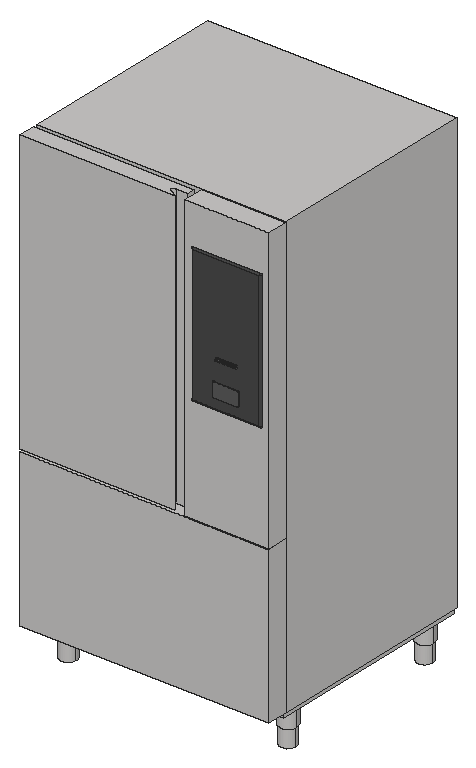
Revit family "QF_ALPENINOX_729253_ABFA11RE", category Specialty Equipment, Revit 2018 (continued)
Automatic sketch dimensions
  Split face 166 sketch curve to Split face 166 sketch curve = 110.016 mm
  Split face 167 sketch curve to Extrusion 4 = 52.499 mm
  Split face 167 sketch curve to Extrusion 4 = 382.543 mm
  Split face 167 sketch curve to Extrusion 4 = 47.525 mm
  Split face 167 sketch curve to Split face 167 sketch curve = 110.016 mm
  Split face 168 sketch curve to Extrusion 4 = 61.999 mm
  Split face 168 sketch curve to Extrusion 4 = 382.543 mm
  Split face 168 sketch curve to Split face 168 sketch curve = 110.016 mm
  Split face 168 sketch curve to Split face 168 sketch curve = 4.974 mm
  Split face 169 sketch curve to Extrusion 4 = 71.499 mm
  Split face 169 sketch curve to Extrusion 4 = 382.543 mm
  Split face 169 sketch curve to Split face 169 sketch curve = 110.016 mm
  Split face 169 sketch curve to Split face 169 sketch curve = 4.974 mm
  Split face 170 sketch curve to Extrusion 4 = 80.999 mm
  Split face 170 sketch curve to Extrusion 4 = 382.543 mm
  Split face 170 sketch curve to Split face 170 sketch curve = 110.016 mm
  Split face 170 sketch curve to Split face 170 sketch curve = 4.974 mm
  Split face 171 sketch curve to Extrusion 4 = 90.499 mm
  Split face 171 sketch curve to Extrusion 4 = 382.543 mm
  Split face 171 sketch curve to Split face 171 sketch curve = 110.016 mm
  Split face 171 sketch curve to Split face 171 sketch curve = 4.974 mm
  Split face 172 sketch curve to Extrusion 4 = 99.999 mm
  Split face 172 sketch curve to Extrusion 4 = 382.543 mm
  Split face 172 sketch curve to Split face 172 sketch curve = 110.016 mm
  Split face 172 sketch curve to Split face 172 sketch curve = 4.974 mm
  Split face 173 sketch curve to Extrusion 4 = 109.499 mm
  Split face 173 sketch curve to Extrusion 4 = 382.543 mm
  Split face 173 sketch curve to Split face 173 sketch curve = 110.016 mm
  Split face 173 sketch curve to Split face 173 sketch curve = 4.974 mm
  Split face 174 sketch curve to Extrusion 4 = 119 mm
  Split face 174 sketch curve to Extrusion 4 = 382.543 mm
  Split face 174 sketch curve to Split face 174 sketch curve = 110.016 mm
  Split face 174 sketch curve to Split face 174 sketch curve = 4.974 mm
  Split face 175 sketch curve to Extrusion 4 = 128.5 mm
  Split face 175 sketch curve to Extrusion 4 = 382.543 mm
  Split face 175 sketch curve to Split face 175 sketch curve = 110.016 mm
  Split face 175 sketch curve to Split face 175 sketch curve = 4.974 mm
  Split face 176 sketch curve to Extrusion 4 = 138 mm
  Split face 176 sketch curve to Extrusion 4 = 382.543 mm
  Split face 176 sketch curve to Split face 176 sketch curve = 110.016 mm
  Split face 176 sketch curve to Split face 176 sketch curve = 4.974 mm
  Split face 177 sketch curve to Extrusion 4 = 147.5 mm
  Split face 177 sketch curve to Extrusion 4 = 382.543 mm
  Split face 177 sketch curve to Split face 177 sketch curve = 110.016 mm
  Split face 177 sketch curve to Split face 177 sketch curve = 4.974 mm
  Split face 178 sketch curve to Extrusion 4 = 157 mm
  Split face 178 sketch curve to Extrusion 4 = 382.543 mm
  Split face 178 sketch curve to Split face 178 sketch curve = 110.016 mm
  Split face 178 sketch curve to Split face 178 sketch curve = 4.974 mm
  Split face 179 sketch curve to Extrusion 4 = 166.5 mm
  Split face 179 sketch curve to Extrusion 4 = 382.543 mm
  Split face 179 sketch curve to Split face 179 sketch curve = 110.016 mm
  Split face 179 sketch curve to Split face 179 sketch curve = 4.974 mm
  Split face 180 sketch curve to Extrusion 4 = 176 mm
  Split face 180 sketch curve to Extrusion 4 = 382.543 mm
  Split face 180 sketch curve to Split face 180 sketch curve = 110.016 mm
  Split face 180 sketch curve to Split face 180 sketch curve = 4.974 mm
  Split face 181 sketch curve to Extrusion 4 = 185.5 mm
  Split face 181 sketch curve to Extrusion 4 = 382.543 mm
  Split face 181 sketch curve to Split face 181 sketch curve = 110.016 mm
  Split face 181 sketch curve to Split face 181 sketch curve = 4.974 mm
  Split face 182 sketch curve to Extrusion 4 = 382.543 mm
  Split face 182 sketch curve to Split face 182 sketch curve = 110.016 mm
  Split face 182 sketch curve to Extrusion 4 = 195 mm
  Split face 182 sketch curve to Split face 182 sketch curve = 4.974 mm
  Split face 183 sketch curve to Extrusion 4 = 382.543 mm
  Split face 183 sketch curve to Split face 183 sketch curve = 110.016 mm
  Split face 183 sketch curve to Extrusion 4 = 204.5 mm
  Split face 183 sketch curve to Split face 183 sketch curve = 4.974 mm
  Split face 184 sketch curve to Extrusion 4 = 382.543 mm
  Split face 184 sketch curve to Split face 184 sketch curve = 110.016 mm
  Split face 184 sketch curve to Extrusion 4 = 214 mm
  Split face 184 sketch curve to Split face 184 sketch curve = 4.974 mm
  Split face 185 sketch curve to Extrusion 4 = 382.543 mm
  Split face 185 sketch curve to Split face 185 sketch curve = 110.016 mm
  Split face 185 sketch curve to Extrusion 4 = 223.5 mm
  Split face 185 sketch curve to Split face 185 sketch curve = 4.974 mm
  Split face 186 sketch curve to Extrusion 4 = 382.543 mm
  Split face 186 sketch curve to Split face 186 sketch curve = 110.016 mm
  Split face 186 sketch curve to Extrusion 4 = 233.001 mm
  Split face 186 sketch curve to Split face 186 sketch curve = 4.974 mm
  Split face 187 sketch curve to Extrusion 4 = 382.543 mm
  Split face 187 sketch curve to Split face 187 sketch curve = 110.016 mm
  Split face 187 sketch curve to Extrusion 4 = 242.501 mm
  Split face 187 sketch curve to Split face 187 sketch curve = 4.974 mm
  Split face 188 sketch curve to Extrusion 4 = 382.543 mm
  Split face 188 sketch curve to Split face 188 sketch curve = 110.016 mm
  Split face 188 sketch curve to Extrusion 4 = 252.001 mm
  Split face 188 sketch curve to Split face 188 sketch curve = 4.974 mm
  Split face 189 sketch curve to Extrusion 4 = 382.543 mm
  Split face 189 sketch curve to Split face 189 sketch curve = 110.016 mm
  Split face 189 sketch curve to Extrusion 4 = 261.501 mm
  Split face 189 sketch curve to Split face 189 sketch curve = 4.974 mm
  Split face 190 sketch curve to Extrusion 4 = 382.543 mm
  Split face 190 sketch curve to Split face 190 sketch curve = 110.016 mm
  Split face 190 sketch curve to Extrusion 4 = 271.001 mm
  Split face 190 sketch curve to Split face 190 sketch curve = 4.974 mm
  Split face 191 sketch curve to Extrusion 4 = 382.543 mm
  Split face 191 sketch curve to Split face 191 sketch curve = 110.016 mm
  Split face 191 sketch curve to Extrusion 4 = 279.479 mm
  Split face 191 sketch curve to Split face 191 sketch curve = 4.974 mm
  Split face 192 sketch curve to Extrusion 4 = 382.543 mm
  Split face 192 sketch curve to Split face 192 sketch curve = 110.016 mm
  Split face 192 sketch curve to Extrusion 4 = 269.979 mm
  Split face 192 sketch curve to Split face 192 sketch curve = 4.974 mm
  Split face 193 sketch curve to Extrusion 4 = 382.543 mm
  Split face 193 sketch curve to Split face 193 sketch curve = 110.016 mm
  Split face 193 sketch curve to Extrusion 4 = 260.479 mm
  Split face 193 sketch curve to Split face 193 sketch curve = 4.974 mm
  Split face 194 sketch curve to Extrusion 4 = 382.543 mm
  Split face 194 sketch curve to Split face 194 sketch curve = 110.016 mm
  Split face 194 sketch curve to Extrusion 4 = 250.978 mm
  Split face 194 sketch curve to Split face 194 sketch curve = 4.974 mm
  Split face 195 sketch curve to Extrusion 4 = 382.543 mm
  Split face 195 sketch curve to Split face 195 sketch curve = 110.016 mm
  Split face 195 sketch curve to Extrusion 4 = 241.478 mm
  Split face 195 sketch curve to Split face 195 sketch curve = 4.974 mm
  Split face 196 sketch curve to Extrusion 4 = 382.543 mm
  Split face 196 sketch curve to Split face 196 sketch curve = 110.016 mm
  Split face 196 sketch curve to Extrusion 4 = 231.978 mm
  Split face 196 sketch curve to Split face 196 sketch curve = 4.974 mm
  Split face 197 sketch curve to Extrusion 4 = 382.543 mm
  Split face 197 sketch curve to Split face 197 sketch curve = 110.016 mm
  Split face 197 sketch curve to Extrusion 4 = 222.478 mm
  Split face 197 sketch curve to Split face 197 sketch curve = 4.974 mm
  Split face 198 sketch curve to Extrusion 4 = 382.543 mm
  Split face 198 sketch curve to Split face 198 sketch curve = 110.016 mm
  Split face 198 sketch curve to Extrusion 4 = 212.978 mm
  Split face 198 sketch curve to Split face 198 sketch curve = 4.974 mm
  Split face 199 sketch curve to Extrusion 4 = 382.543 mm
  Split face 199 sketch curve to Split face 199 sketch curve = 110.016 mm
  Split face 199 sketch curve to Extrusion 4 = 203.478 mm
  Split face 199 sketch curve to Split face 199 sketch curve = 4.974 mm
  Split face 200 sketch curve to Extrusion 4 = 382.543 mm
  Split face 200 sketch curve to Split face 200 sketch curve = 110.016 mm
  Split face 200 sketch curve to Extrusion 4 = 193.978 mm
  Split face 200 sketch curve to Split face 200 sketch curve = 4.974 mm
  Split face 201 sketch curve to Extrusion 4 = 184.478 mm
  Split face 201 sketch curve to Extrusion 4 = 382.543 mm
  Split face 201 sketch curve to Split face 201 sketch curve = 110.016 mm
  Split face 201 sketch curve to Split face 201 sketch curve = 4.974 mm
  Split face 202 sketch curve to Extrusion 4 = 174.978 mm
  Split face 202 sketch curve to Extrusion 4 = 382.543 mm
  Split face 202 sketch curve to Split face 202 sketch curve = 110.016 mm
  Split face 202 sketch curve to Split face 202 sketch curve = 4.974 mm
  Split face 203 sketch curve to Extrusion 4 = 165.478 mm
  Split face 203 sketch curve to Extrusion 4 = 382.543 mm
  Split face 203 sketch curve to Split face 203 sketch curve = 110.016 mm
  Split face 203 sketch curve to Split face 203 sketch curve = 4.974 mm
  Split face 204 sketch curve to Extrusion 4 = 155.978 mm
  Split face 204 sketch curve to Extrusion 4 = 382.543 mm
  Split face 204 sketch curve to Split face 204 sketch curve = 110.016 mm
  Split face 204 sketch curve to Split face 204 sketch curve = 4.974 mm
  Split face 205 sketch curve to Extrusion 4 = 146.478 mm
  Split face 205 sketch curve to Extrusion 4 = 382.543 mm
  Split face 205 sketch curve to Split face 205 sketch curve = 110.016 mm
  Split face 205 sketch curve to Split face 205 sketch curve = 4.974 mm
  Split face 206 sketch curve to Extrusion 4 = 33.499 mm
  Split face 206 sketch curve to Extrusion 4 = 262.552 mm
  Split face 206 sketch curve to Extrusion 4 = 28.525 mm
  Split face 206 sketch curve to Split face 206 sketch curve = 110.016 mm
  Split face 207 sketch curve to Extrusion 4 = 42.999 mm
  Split face 207 sketch curve to Extrusion 4 = 262.552 mm
  Split face 207 sketch curve to Extrusion 4 = 38.025 mm
  Split face 207 sketch curve to Split face 207 sketch curve = 110.016 mm
  Split face 208 sketch curve to Extrusion 4 = 52.499 mm
  Split face 208 sketch curve to Extrusion 4 = 262.552 mm
  Split face 208 sketch curve to Extrusion 4 = 47.525 mm
  Split face 208 sketch curve to Split face 208 sketch curve = 110.016 mm
  Split face 209 sketch curve to Extrusion 4 = 61.999 mm
  Split face 209 sketch curve to Extrusion 4 = 262.552 mm
  Split face 209 sketch curve to Split face 209 sketch curve = 110.016 mm
  Split face 209 sketch curve to Split face 209 sketch curve = 4.974 mm
  Split face 210 sketch curve to Extrusion 4 = 71.499 mm
  Split face 210 sketch curve to Extrusion 4 = 262.552 mm
  Split face 210 sketch curve to Split face 210 sketch curve = 110.016 mm
  Split face 210 sketch curve to Split face 210 sketch curve = 4.974 mm
  Split face 211 sketch curve to Extrusion 4 = 80.999 mm
  Split face 211 sketch curve to Extrusion 4 = 262.552 mm
  Split face 211 sketch curve to Split face 211 sketch curve = 110.016 mm
  Split face 211 sketch curve to Split face 211 sketch curve = 4.974 mm
  Split face 212 sketch curve to Extrusion 4 = 90.499 mm
  Split face 212 sketch curve to Extrusion 4 = 262.552 mm
  Split face 212 sketch curve to Split face 212 sketch curve = 110.016 mm
  Split face 212 sketch curve to Split face 212 sketch curve = 4.974 mm
  Split face 213 sketch curve to Extrusion 4 = 99.999 mm
  Split face 213 sketch curve to Extrusion 4 = 262.552 mm
  Split face 213 sketch curve to Split face 213 sketch curve = 110.016 mm
  Split face 213 sketch curve to Split face 213 sketch curve = 4.974 mm
  Split face 214 sketch curve to Extrusion 4 = 109.499 mm
  Split face 214 sketch curve to Extrusion 4 = 262.552 mm
  Split face 214 sketch curve to Split face 214 sketch curve = 110.016 mm
  Split face 214 sketch curve to Split face 214 sketch curve = 4.974 mm
  Split face 215 sketch curve to Extrusion 4 = 119 mm
  Split face 215 sketch curve to Extrusion 4 = 262.552 mm
  Split face 215 sketch curve to Split face 215 sketch curve = 110.016 mm
  Split face 215 sketch curve to Split face 215 sketch curve = 4.974 mm
  Split face 216 sketch curve to Extrusion 4 = 128.5 mm
  Split face 216 sketch curve to Extrusion 4 = 262.552 mm
  Split face 216 sketch curve to Split face 216 sketch curve = 110.016 mm
  Split face 216 sketch curve to Split face 216 sketch curve = 4.974 mm
  Split face 217 sketch curve to Extrusion 4 = 262.552 mm
  Split face 217 sketch curve to Split face 217 sketch curve = 110.016 mm
  Split face 217 sketch curve to Extrusion 4 = 138 mm
  Split face 217 sketch curve to Split face 217 sketch curve = 4.974 mm
  Split face 218 sketch curve to Extrusion 4 = 262.552 mm
  Split face 218 sketch curve to Split face 218 sketch curve = 110.016 mm
  Split face 218 sketch curve to Extrusion 4 = 147.5 mm
  Split face 218 sketch curve to Split face 218 sketch curve = 4.974 mm
  Split face 219 sketch curve to Extrusion 4 = 262.552 mm
  Split face 219 sketch curve to Split face 219 sketch curve = 110.016 mm
  Split face 219 sketch curve to Extrusion 4 = 157 mm
  Split face 219 sketch curve to Split face 219 sketch curve = 4.974 mm
  Split face 220 sketch curve to Extrusion 4 = 262.552 mm
  Split face 220 sketch curve to Split face 220 sketch curve = 110.016 mm
  Split face 220 sketch curve to Extrusion 4 = 166.5 mm
  Split face 220 sketch curve to Split face 220 sketch curve = 4.974 mm
  Split face 221 sketch curve to Extrusion 4 = 262.552 mm
  Split face 221 sketch curve to Split face 221 sketch curve = 110.016 mm
  Split face 221 sketch curve to Extrusion 4 = 176 mm
  Split face 221 sketch curve to Split face 221 sketch curve = 4.974 mm
  Split face 222 sketch curve to Extrusion 4 = 262.552 mm
  Split face 222 sketch curve to Split face 222 sketch curve = 110.016 mm
  Split face 222 sketch curve to Extrusion 4 = 185.5 mm
  Split face 222 sketch curve to Split face 222 sketch curve = 4.974 mm
  Split face 223 sketch curve to Extrusion 4 = 262.552 mm
  Split face 223 sketch curve to Split face 223 sketch curve = 110.016 mm
  Split face 223 sketch curve to Extrusion 4 = 195 mm
  Split face 223 sketch curve to Split face 223 sketch curve = 4.974 mm
  Split face 224 sketch curve to Extrusion 4 = 262.552 mm
  Split face 224 sketch curve to Split face 224 sketch curve = 110.016 mm
  Split face 224 sketch curve to Extrusion 4 = 204.5 mm
  Split face 224 sketch curve to Split face 224 sketch curve = 4.974 mm
  Split face 225 sketch curve to Extrusion 4 = 262.552 mm
  Split face 225 sketch curve to Split face 225 sketch curve = 110.016 mm
  Split face 225 sketch curve to Extrusion 4 = 214 mm
  Split face 225 sketch curve to Split face 225 sketch curve = 4.974 mm
  Split face 226 sketch curve to Extrusion 4 = 262.552 mm
  Split face 226 sketch curve to Split face 226 sketch curve = 110.016 mm
  Split face 226 sketch curve to Extrusion 4 = 223.5 mm
  Split face 226 sketch curve to Split face 226 sketch curve = 4.974 mm
  Split face 227 sketch curve to Extrusion 4 = 262.552 mm
  Split face 227 sketch curve to Split face 227 sketch curve = 110.016 mm
  Split face 227 sketch curve to Extrusion 4 = 233.001 mm
  Split face 227 sketch curve to Split face 227 sketch curve = 4.974 mm
  Split face 228 sketch curve to Extrusion 4 = 262.552 mm
  Split face 228 sketch curve to Split face 228 sketch curve = 110.016 mm
  Split face 228 sketch curve to Extrusion 4 = 242.501 mm
  Split face 228 sketch curve to Split face 228 sketch curve = 4.974 mm
  Split face 229 sketch curve to Extrusion 4 = 262.552 mm
  Split face 229 sketch curve to Split face 229 sketch curve = 110.016 mm
  Split face 229 sketch curve to Extrusion 4 = 252.001 mm
  Split face 229 sketch curve to Split face 229 sketch curve = 4.974 mm
  Split face 230 sketch curve to Extrusion 4 = 262.552 mm
  Split face 230 sketch curve to Split face 230 sketch curve = 110.016 mm
  Split face 230 sketch curve to Extrusion 4 = 261.501 mm
  Split face 230 sketch curve to Split face 230 sketch curve = 4.974 mm
  Split face 231 sketch curve to Extrusion 4 = 262.552 mm
  Split face 231 sketch curve to Split face 231 sketch curve = 110.016 mm
  Split face 231 sketch curve to Extrusion 4 = 271.001 mm
  Split face 231 sketch curve to Split face 231 sketch curve = 4.974 mm
  Split face 232 sketch curve to Extrusion 4 = 262.552 mm
  Split face 232 sketch curve to Split face 232 sketch curve = 110.016 mm
  Split face 232 sketch curve to Extrusion 4 = 279.479 mm
  Split face 232 sketch curve to Split face 232 sketch curve = 4.974 mm
  Split face 233 sketch curve to Extrusion 4 = 262.552 mm
  Split face 233 sketch curve to Split face 233 sketch curve = 110.016 mm
  Split face 233 sketch curve to Extrusion 4 = 269.979 mm
  Split face 233 sketch curve to Split face 233 sketch curve = 4.974 mm
  Split face 234 sketch curve to Extrusion 4 = 262.552 mm
  Split face 234 sketch curve to Split face 234 sketch curve = 110.016 mm
  Split face 234 sketch curve to Extrusion 4 = 260.479 mm
  Split face 234 sketch curve to Split face 234 sketch curve = 4.974 mm
  Split face 235 sketch curve to Extrusion 4 = 262.552 mm
  Split face 235 sketch curve to Split face 235 sketch curve = 110.016 mm
  Split face 235 sketch curve to Extrusion 4 = 250.978 mm
  Split face 235 sketch curve to Split face 235 sketch curve = 4.974 mm
  Split face 236 sketch curve to Extrusion 4 = 262.552 mm
  Split face 236 sketch curve to Split face 236 sketch curve = 110.016 mm
  Split face 236 sketch curve to Extrusion 4 = 241.478 mm
  Split face 236 sketch curve to Split face 236 sketch curve = 4.974 mm
  Split face 237 sketch curve to Extrusion 4 = 262.552 mm
  Split face 237 sketch curve to Split face 237 sketch curve = 110.016 mm
  Split face 237 sketch curve to Extrusion 4 = 231.978 mm
  Split face 237 sketch curve to Split face 237 sketch curve = 4.974 mm
  Split face 238 sketch curve to Extrusion 4 = 262.552 mm
  Split face 238 sketch curve to Split face 238 sketch curve = 110.016 mm
  Split face 238 sketch curve to Extrusion 4 = 222.478 mm
  Split face 238 sketch curve to Split face 238 sketch curve = 4.974 mm
  Split face 239 sketch curve to Extrusion 4 = 262.552 mm
  Split face 239 sketch curve to Split face 239 sketch curve = 110.016 mm
  Split face 239 sketch curve to Extrusion 4 = 212.978 mm
  Split face 239 sketch curve to Split face 239 sketch curve = 4.974 mm
  Split face 240 sketch curve to Extrusion 4 = 262.552 mm
  Split face 240 sketch curve to Split face 240 sketch curve = 110.016 mm
  Split face 240 sketch curve to Extrusion 4 = 203.478 mm
  Split face 240 sketch curve to Split face 240 sketch curve = 4.974 mm
  Split face 241 sketch curve to Extrusion 4 = 262.552 mm
  Split face 241 sketch curve to Split face 241 sketch curve = 110.016 mm
  Split face 241 sketch curve to Extrusion 4 = 193.978 mm
  Split face 241 sketch curve to Split face 241 sketch curve = 4.974 mm
  Split face 242 sketch curve to Extrusion 4 = 262.552 mm
  Split face 242 sketch curve to Split face 242 sketch curve = 110.016 mm
  Split face 242 sketch curve to Extrusion 4 = 184.478 mm
  Split face 242 sketch curve to Split face 242 sketch curve = 4.974 mm
  Split face 243 sketch curve to Extrusion 4 = 262.552 mm
  Split face 243 sketch curve to Split face 243 sketch curve = 110.016 mm
  Split face 243 sketch curve to Extrusion 4 = 174.978 mm
  Split face 243 sketch curve to Split face 243 sketch curve = 4.974 mm
  Split face 244 sketch curve to Extrusion 4 = 262.552 mm
  Split face 244 sketch curve to Split face 244 sketch curve = 110.016 mm
  Split face 244 sketch curve to Extrusion 4 = 165.478 mm
  Split face 244 sketch curve to Split face 244 sketch curve = 4.974 mm
  Split face 245 sketch curve to Extrusion 4 = 262.552 mm
  Split face 245 sketch curve to Split face 245 sketch curve = 110.016 mm
  Split face 245 sketch curve to Extrusion 4 = 155.978 mm
  Split face 245 sketch curve to Split face 245 sketch curve = 4.974 mm
  Split face 246 sketch curve to Extrusion 4 = 262.552 mm
  Split face 246 sketch curve to Split face 246 sketch curve = 110.016 mm
  Split face 246 sketch curve to Extrusion 4 = 146.478 mm
  Split face 246 sketch curve to Split face 246 sketch curve = 4.974 mm
  Split face 247 sketch curve to Extrusion 4 = 33.499 mm
  Split face 247 sketch curve to Extrusion 4 = 142.561 mm
  Split face 247 sketch curve to Extrusion 4 = 32.544 mm
  Split face 247 sketch curve to Split face 247 sketch curve = 4.974 mm
  Split face 248 sketch curve to Extrusion 4 = 42.999 mm
  Split face 248 sketch curve to Extrusion 4 = 142.561 mm
  Split face 248 sketch curve to Extrusion 4 = 32.544 mm
  Split face 248 sketch curve to Split face 248 sketch curve = 4.974 mm
  Split face 249 sketch curve to Extrusion 4 = 52.499 mm
  Split face 249 sketch curve to Extrusion 4 = 142.561 mm
  Split face 249 sketch curve to Extrusion 4 = 32.544 mm
  Split face 249 sketch curve to Split face 249 sketch curve = 4.974 mm
  Split face 250 sketch curve to Extrusion 4 = 61.999 mm
  Split face 250 sketch curve to Extrusion 4 = 142.561 mm
  Split face 250 sketch curve to Extrusion 4 = 32.544 mm
  Split face 250 sketch curve to Split face 250 sketch curve = 4.974 mm
  Split face 251 sketch curve to Extrusion 4 = 142.561 mm
  Split face 251 sketch curve to Extrusion 4 = 32.544 mm
  Split face 251 sketch curve to Extrusion 4 = 71.499 mm
  Split face 251 sketch curve to Split face 251 sketch curve = 4.974 mm
  Split face 252 sketch curve to Extrusion 4 = 142.561 mm
  Split face 252 sketch curve to Extrusion 4 = 32.544 mm
  Split face 252 sketch curve to Extrusion 4 = 80.999 mm
  Split face 252 sketch curve to Split face 252 sketch curve = 4.974 mm
  Split face 253 sketch curve to Extrusion 4 = 142.561 mm
  Split face 253 sketch curve to Extrusion 4 = 32.544 mm
  Split face 253 sketch curve to Extrusion 4 = 90.499 mm
  Split face 253 sketch curve to Split face 253 sketch curve = 4.974 mm
  Split face 254 sketch curve to Extrusion 4 = 142.561 mm
  Split face 254 sketch curve to Extrusion 4 = 32.544 mm
  Split face 254 sketch curve to Extrusion 4 = 99.999 mm
  Split face 254 sketch curve to Split face 254 sketch curve = 4.974 mm
  Split face 255 sketch curve to Extrusion 4 = 142.561 mm
  Split face 255 sketch curve to Extrusion 4 = 32.544 mm
  Split face 255 sketch curve to Extrusion 4 = 109.499 mm
  Split face 255 sketch curve to Split face 255 sketch curve = 4.974 mm
  Split face 256 sketch curve to Extrusion 4 = 142.561 mm
  Split face 256 sketch curve to Extrusion 4 = 32.544 mm
  Split face 256 sketch curve to Extrusion 4 = 119 mm
  Split face 256 sketch curve to Split face 256 sketch curve = 4.974 mm
  Split face 257 sketch curve to Extrusion 4 = 142.561 mm
  Split face 257 sketch curve to Extrusion 4 = 32.544 mm
  Split face 257 sketch curve to Extrusion 4 = 128.5 mm
  Split face 257 sketch curve to Split face 257 sketch curve = 4.974 mm
  Split face 258 sketch curve to Extrusion 4 = 142.561 mm
  Split face 258 sketch curve to Extrusion 4 = 32.544 mm
  Split face 258 sketch curve to Extrusion 4 = 138 mm
  Split face 258 sketch curve to Split face 258 sketch curve = 4.974 mm
  Split face 259 sketch curve to Extrusion 4 = 142.561 mm
  Split face 259 sketch curve to Extrusion 4 = 32.544 mm
  Split face 259 sketch curve to Extrusion 4 = 147.5 mm
  Split face 259 sketch curve to Split face 259 sketch curve = 4.974 mm
  Split face 260 sketch curve to Extrusion 4 = 142.561 mm
  Split face 260 sketch curve to Extrusion 4 = 32.544 mm
  Split face 260 sketch curve to Extrusion 4 = 157 mm
  Split face 260 sketch curve to Split face 260 sketch curve = 4.974 mm
  Split face 261 sketch curve to Extrusion 4 = 142.561 mm
  Split face 261 sketch curve to Extrusion 4 = 32.544 mm
  Split face 261 sketch curve to Extrusion 4 = 166.5 mm
  Split face 261 sketch curve to Split face 261 sketch curve = 4.974 mm
  Split face 262 sketch curve to Extrusion 4 = 142.561 mm
  Split face 262 sketch curve to Extrusion 4 = 32.544 mm
  Split face 262 sketch curve to Extrusion 4 = 176 mm
  Split face 262 sketch curve to Split face 262 sketch curve = 4.974 mm
  Split face 263 sketch curve to Extrusion 4 = 142.561 mm
  Split face 263 sketch curve to Extrusion 4 = 32.544 mm
  Split face 263 sketch curve to Extrusion 4 = 185.5 mm
  Split face 263 sketch curve to Split face 263 sketch curve = 4.974 mm
  Split face 264 sketch curve to Extrusion 4 = 142.561 mm
  Split face 264 sketch curve to Extrusion 4 = 32.544 mm
  Split face 264 sketch curve to Extrusion 4 = 195 mm
  Split face 264 sketch curve to Split face 264 sketch curve = 4.974 mm
  Split face 265 sketch curve to Extrusion 4 = 142.561 mm
  Split face 265 sketch curve to Extrusion 4 = 32.544 mm
  Split face 265 sketch curve to Extrusion 4 = 204.5 mm
  Split face 265 sketch curve to Split face 265 sketch curve = 4.974 mm
  Split face 266 sketch curve to Extrusion 4 = 142.561 mm
  Split face 266 sketch curve to Extrusion 4 = 32.544 mm
  Split face 266 sketch curve to Extrusion 4 = 214 mm
  Split face 266 sketch curve to Split face 266 sketch curve = 4.974 mm
  Split face 267 sketch curve to Extrusion 4 = 142.561 mm
  Split face 267 sketch curve to Extrusion 4 = 32.544 mm
  Split face 267 sketch curve to Extrusion 4 = 223.5 mm
  Split face 267 sketch curve to Split face 267 sketch curve = 4.974 mm
  Split face 268 sketch curve to Extrusion 4 = 142.561 mm
  Split face 268 sketch curve to Extrusion 4 = 32.544 mm
  Split face 268 sketch curve to Extrusion 4 = 233.001 mm
  Split face 268 sketch curve to Split face 268 sketch curve = 4.974 mm
  Split face 269 sketch curve to Extrusion 4 = 142.561 mm
  Split face 269 sketch curve to Extrusion 4 = 32.544 mm
  Split face 269 sketch curve to Extrusion 4 = 242.501 mm
  Split face 269 sketch curve to Split face 269 sketch curve = 4.974 mm
  Split face 270 sketch curve to Extrusion 4 = 142.561 mm
  Split face 270 sketch curve to Extrusion 4 = 32.544 mm
  Split face 270 sketch curve to Extrusion 4 = 252.001 mm
  Split face 270 sketch curve to Split face 270 sketch curve = 4.974 mm
  Split face 271 sketch curve to Extrusion 4 = 142.561 mm
  Split face 271 sketch curve to Extrusion 4 = 32.544 mm
  Split face 271 sketch curve to Extrusion 4 = 261.501 mm
  Split face 271 sketch curve to Split face 271 sketch curve = 4.974 mm
  Split face 272 sketch curve to Extrusion 4 = 142.561 mm
  Split face 272 sketch curve to Extrusion 4 = 32.544 mm
  Split face 272 sketch curve to Extrusion 4 = 271.001 mm
  Split face 272 sketch curve to Split face 272 sketch curve = 4.974 mm
  Split face 273 sketch curve to Extrusion 4 = 142.561 mm
  Split face 273 sketch curve to Extrusion 4 = 32.544 mm
  Split face 273 sketch curve to Extrusion 4 = 279.479 mm
  Split face 273 sketch curve to Split face 273 sketch curve = 4.974 mm
  Split face 274 sketch curve to Extrusion 4 = 142.561 mm
  Split face 274 sketch curve to Extrusion 4 = 32.544 mm
  Split face 274 sketch curve to Extrusion 4 = 269.979 mm
  Split face 274 sketch curve to Split face 274 sketch curve = 4.974 mm
  Split face 275 sketch curve to Extrusion 4 = 142.561 mm
  Split face 275 sketch curve to Extrusion 4 = 32.544 mm
  Split face 275 sketch curve to Extrusion 4 = 260.479 mm
  Split face 275 sketch curve to Split face 275 sketch curve = 4.974 mm
  Split face 276 sketch curve to Extrusion 4 = 142.561 mm
  Split face 276 sketch curve to Extrusion 4 = 32.544 mm
  Split face 276 sketch curve to Extrusion 4 = 250.978 mm
  Split face 276 sketch curve to Split face 276 sketch curve = 4.974 mm
  Split face 277 sketch curve to Extrusion 4 = 142.561 mm
  Split face 277 sketch curve to Extrusion 4 = 32.544 mm
  Split face 277 sketch curve to Extrusion 4 = 241.478 mm
  Split face 277 sketch curve to Split face 277 sketch curve = 4.974 mm
  Split face 278 sketch curve to Extrusion 4 = 142.561 mm
  Split face 278 sketch curve to Extrusion 4 = 32.544 mm
  Split face 278 sketch curve to Extrusion 4 = 231.978 mm
  Split face 278 sketch curve to Split face 278 sketch curve = 4.974 mm
  Split face 279 sketch curve to Extrusion 4 = 142.561 mm
  Split face 279 sketch curve to Extrusion 4 = 32.544 mm
  Split face 279 sketch curve to Extrusion 4 = 222.478 mm
  Split face 279 sketch curve to Split face 279 sketch curve = 4.974 mm
  Split face 280 sketch curve to Extrusion 4 = 142.561 mm
  Split face 280 sketch curve to Extrusion 4 = 32.544 mm
  Split face 280 sketch curve to Extrusion 4 = 212.978 mm
  Split face 280 sketch curve to Split face 280 sketch curve = 4.974 mm
  Split face 281 sketch curve to Extrusion 4 = 142.561 mm
  Split face 281 sketch curve to Extrusion 4 = 32.544 mm
  Split face 281 sketch curve to Extrusion 4 = 203.478 mm
  Split face 281 sketch curve to Split face 281 sketch curve = 4.974 mm
  Split face 282 sketch curve to Extrusion 4 = 142.561 mm
  Split face 282 sketch curve to Extrusion 4 = 32.544 mm
  Split face 282 sketch curve to Extrusion 4 = 193.978 mm
  Split face 282 sketch curve to Split face 282 sketch curve = 4.974 mm
  Split face 283 sketch curve to Extrusion 4 = 142.561 mm
  Split face 283 sketch curve to Extrusion 4 = 32.544 mm
  Split face 283 sketch curve to Extrusion 4 = 184.478 mm
  Split face 283 sketch curve to Split face 283 sketch curve = 4.974 mm
  Split face 284 sketch curve to Extrusion 4 = 142.561 mm
  Split face 284 sketch curve to Extrusion 4 = 32.544 mm
  Split face 284 sketch curve to Extrusion 4 = 174.978 mm
  Split face 284 sketch curve to Split face 284 sketch curve = 4.974 mm
  Split face 285 sketch curve to Extrusion 4 = 142.561 mm
  Split face 285 sketch curve to Extrusion 4 = 32.544 mm
  Split face 285 sketch curve to Extrusion 4 = 165.478 mm
  Split face 285 sketch curve to Split face 285 sketch curve = 4.974 mm
  Split face 286 sketch curve to Extrusion 4 = 142.561 mm
  Split face 286 sketch curve to Extrusion 4 = 32.544 mm
  Split face 286 sketch curve to Extrusion 4 = 155.978 mm
  Split face 286 sketch curve to Split face 286 sketch curve = 4.974 mm
  Split face 287 sketch curve to Extrusion 4 = 142.561 mm
  Split face 287 sketch curve to Extrusion 4 = 32.544 mm
  Split face 287 sketch curve to Extrusion 4 = 146.478 mm
  Split face 287 sketch curve to Split face 287 sketch curve = 4.974 mm
  curve 15 to plane 4 "LEFT" = 0 mm
  curve 14 to plane 7 "FRONT" = 0 mm
  curve 1 to plane 5 "BACK" = 0 mm
  curve 1 to plane 6 "RIGHT" = 0 mm
  curve 13 to plane 7 "FRONT" = 0 mm
  curve 6 to plane 14 = 0 mm
  curve 2 to plane 4 "LEFT" = 0 mm
  curve 11 to plane 7 "FRONT" = 5 mm
  plane 12 to curve 11 = 20 mm
  curve 9 to plane 12 = 6.5 mm
  curve 8 to curve 10 = 21 mm
  curve 6 to plane 12 = 50.859 mm
  curve 6 to curve 6 = 164.232 mm
  plane 3 "Center Y" to curve 12 = 177.5 mm
  curve 10 to curve 10 = 29 mm
  curve 13 to curve 11 = 8 mm
  curve 10 to curve 7 = 15.266 mm
  curve 5 to curve 5 = 8.092 mm
  curve 11 to curve 12 = 8 mm
  plane 3 "Center Y" to curve 15 = 145.5 mm
  curve 15 to plane 13 = 75 mm
  curve 12 to curve 3 = 24 mm
  curve 2 to plane 13 = 75 mm
  curve 21 to plane 4 "LEFT" = 0 mm
  curve 29 to plane 7 "FRONT" = 0 mm
  plane 4 "LEFT" to curve 25 = 17.833 mm
  plane 7 "FRONT" to curve 28 = 23.833 mm
  curve 28 to curve 14 = 60.147 mm
  plane 15 to curve 25 = 47.847 mm
  curve 24 to plane 4 "LEFT" = 6 mm
  curve 25 to curve 25 = 7.197 mm
  curve 25 to curve 25 = 8.395 mm
  plane 15 to curve 26 = 2.5 mm
  plane 7 "FRONT" to curve 29 = 16.635 mm
  curve 29 to curve 28 = 4.321 mm
  curve 28 to curve 28 = 0.039 mm
  curve 28 to curve 22 = 27.707 mm
  curve 23 to curve 14 = 14.8 mm
  curve 25 to curve 25 = 4.321 mm
  plane 15 to curve 24 = 24.462 mm
  curve 21 to curve 15 = 16 mm
  curve 16 to plane 7 "FRONT" = 0 mm
  curve 19 to plane 7 "FRONT" = 0 mm
  curve 17 to plane 7 "FRONT" = 0 mm
  plane 4 "LEFT" to curve 16 = 22.511 mm
  plane 7 "FRONT" to curve 16 = 18.608 mm
  plane 15 to curve 18 = 2.5 mm
  curve 18 to plane 10 = 25.773 mm
  plane 10 to curve 19 = 2 mm
  curve 17 to plane 4 "LEFT" = 6 mm
  plane 15 to curve 17 = 24.462 mm
  Extrusion 12 sketch curve to plane 4 "LEFT" = 0 mm
  Extrusion 12 sketch curve to plane 9 "TOP" = 0 mm
  plane 3 "Center Y" to Extrusion 12 sketch curve = 130.7 mm
  plane 8 to Extrusion 12 sketch curve = 589.524 mm
  Extrusion 13 sketch curve to plane 7 "FRONT" = 0 mm
  plane 4 "LEFT" to Extrusion 13 sketch curve = 22.511 mm
  plane 10 to Extrusion 13 sketch curve = 2 mm
  plane 3 "Center Y" to Extrusion 13 sketch curve = 130.7 mm
  plane 15 to Extrusion 13 sketch curve = 2.5 mm
  Extrusion 14 sketch curve to plane 7 "FRONT" = 0 mm
  Extrusion 14 sketch curve to plane 9 "TOP" = 0 mm
  plane 15 to Extrusion 14 sketch curve = 2.5 mm
  plane 8 to Extrusion 14 sketch curve = 589.524 mm
  Extrusion 15 sketch curve to plane 7 "FRONT" = 0 mm
  plane 7 "FRONT" to Extrusion 15 sketch curve = 16.635 mm
  plane 3 "Center Y" to Extrusion 15 sketch curve = 81.032 mm
  Extrusion 15 sketch curve to Extrusion 15 sketch curve = 4.321 mm
  Extrusion 15 sketch curve to Extrusion 15 sketch curve = 0.039 mm
  Extrusion 15 sketch curve to Extrusion 15 sketch curve = 27.707 mm
  Extrusion 15 sketch curve to Extrusion 15 sketch curve = 21.962 mm
  Extrusion 15 sketch curve to Extrusion 15 sketch curve = 7.197 mm
  plane 15 to Extrusion 16 sketch curve = 2.5 mm
  Extrusion 16 sketch curve to plane 4 "LEFT" = 6 mm
  Extrusion 16 sketch curve to Extrusion 16 sketch curve = 21.962 mm
  Extrusion 16 sketch curve to Extrusion 16 sketch curve = 23.346 mm
  Extrusion 16 sketch curve to Extrusion 16 sketch curve = 0.039 mm
  plane 4 "LEFT" to Extrusion 16 sketch curve = 10.635 mm
  Extrusion 16 sketch curve to Extrusion 16 sketch curve = 4.321 mm
  Extrusion 16 sketch curve to Extrusion 16 sketch curve = 7.197 mm
  radius of Extrusion 3 sketch curve = 10.5 mm
  radius of Extrusion 6 sketch curve = 9.5 mm
  radius of Extrusion 11 sketch curve = 8 mm
  radius of Extrusion 10 sketch curve = 4.75 mm
Nested families
  nested 1: "Foot_Complete" at (-707, -144.149, 0), type "Foot_Complete"
    with H 130 mm
  nested 2: "Foot_Complete" at (84, -144.149, 0), type "Foot_Complete"
    with H 130 mm
  nested 3: "Foot_Complete" at (84, 471.851, 0), type "Foot_Complete"
    with H 130 mm
  nested 4: "Foot_Complete" at (-707, 471.851, 0), type "Foot_Complete"
    with H 130 mm
  nested 5: "ALP_Touch" at (-15, -295.149, 1341.605) x (-1, 0, 0) z (0, -1, 0), type "ALP_Touch"
  nested 6: "ALP_Logo_XS" at (-15.005, -300.149, 1260.605) x (1, 0, 0) z (0, -1, 0), visible <- "Show Logo", type "ALP_Logo_XS"
Connectors
  electrical at (67, 576.851, 593), driven by "Volts"
    settings: on Extrusion 3, index 5, voltage 220 V, apparent load 0 VA, apparent load phase1 0 VA, apparent load phase2 0 VA, apparent load phase3 0 VA, power factor 1, load classification "Altro", number of poles 1, system type 30, power factor state 1, is connector primary yes, connector utility no, sub classification motor no, connector description "Electrical Connection"
  piping at (-359, 149.851, 98.32), diameter 19
    settings: on cut or joined group of Extrusion 1, Extrusion 2, Extrusion 3, Extrusion 5, Extrusion 6, Extrusion 7, Extrusion 9, index 6, connector inside diameter 609.6 mm, connector length 0 mm, flow factor 0, pipe flow 0.0 L/s, pressure drop 0.0 Pa, fitting loss kfactor 0, connector angle 0.00°, fixture units 0, engagement length 0 mm, angle of deflection 0.00°, flow configuration 1, flow direction 2, fitting loss method 0, system type 16, joint type 0, gender type 0, connector reference index -1, connector utility 0, adjustable connector no, is connector primary yes, connector description "Drain"
  piping at (-74, 527.851, 223), diameter 16
    settings: on Extrusion 11, index 8, connector inside diameter 609.6 mm, connector length 0 mm, flow factor 0, pipe flow 0.0 L/s, pressure drop 0.0 Pa, fitting loss kfactor 0, connector angle 0.00°, fixture units 0, engagement length 0 mm, angle of deflection 0.00°, flow configuration 1, flow direction 1, fitting loss method 0, system type 8, joint type 0, gender type 0, connector reference index -1, connector utility 0, adjustable connector no, is connector primary no, connector description "Refrigerant Outlet"
  piping at (-16, 467.851, 217), diameter 9.5
    settings: on Extrusion 10, index 9, connector inside diameter 609.6 mm, connector length 0 mm, flow factor 0, pipe flow 0.0 L/s, pressure drop 0.0 Pa, fitting loss kfactor 0, connector angle 0.00°, fixture units 0, engagement length 0 mm, angle of deflection 0.00°, flow configuration 1, flow direction 1, fitting loss method 0, system type 7, joint type 0, gender type 0, connector reference index -1, connector utility 0, adjustable connector no, is connector primary no, connector description "Refrigerant Inlet"
Definition of nested family "Foot_Complete"
  Parameters
    R = 32 mm
    H = 150 mm
  Reference planes
    plane 1 "Centro (Fronte/Retro)": y = 0
    plane 2: z = 0
    plane 3 "Centro (Sinistra/Destra)": x = 0
    plane 4: z = 150
  Forms (mm)
    Revolve 1, solid
      sketch origin (255.05, 0, 608.09) x (0, 0, 1) y (-1, 0, 0)
        loop
          line (-608.09, 255.05) -> (-608.09, 226.55) -> (-544.09, 226.55) -> (-544.09, 223.05) -> (-458.09, 223.05) -> (-458.09, 255.05) -> (-608.09, 255.05)
        axis (-608.09, 255.05) -> (-458.09, 255.05)
      angle from 0 to 360
  Dimensions and locks
    locked: level to Revolve 1 sketch curve at 64
    "R": Revolve 1 sketch curve to plane 3 "Centro (Sinistra/Destra)"
    "H": plane 4 to level
    aligned and locked: level to plane 2
    aligned and locked: plane 4 to Revolve 1 sketch curve
    aligned and locked: Revolve 1 sketch curve to level
    aligned and locked: plane 3 "Centro (Sinistra/Destra)" to Revolve 1 sketch curve
  Automatic sketch dimensions
    Revolve 1 sketch curve to plane 3 "Centro (Sinistra/Destra)" = 0 mm
    plane 3 "Centro (Sinistra/Destra)" to Revolve 1 sketch curve = 28.5 mm
    Revolve 1 sketch curve to Revolve 1 sketch curve = 50 mm
    Revolve 1 sketch curve to Revolve 1 sketch curve = 20 mm
Definition of nested family "ALP_Touch"
  Parameters
    Default Elevation = 1219.2 mm
  Reference planes
    plane 1 "Centro (Fronte/Retro)": y = 0
    plane 2: z = 0
    plane 3 "Centro (Sinistra/Destra)": x = 0
    plane 4: y = -81
  Forms (mm)
    Extrusion 1, solid
      sketch origin (0, 0, 0) x (1, 0, 0) y (0, 1, 0)
        loop
          line (-1219.2, 1219.2) -> (-1219.2, -1219.2) -> (1219.2, -1219.2) -> (1219.2, 1219.2) -> (-1219.2, 1219.2)
      from 0 to -304.8
    Extrusion 2, solid
      sketch origin (0, 0, 5) x (1, 0, 0) y (0, 1, 0)
        loop
          line (-47, -160) -> (-47, -202)
          arc (-47, -202) -> (-45.536, -205.535) -> (-42, -207) r 5
          line (-42, -207) -> (42, -207)
          arc (42, -207) -> (45.536, -205.535) -> (47, -202) r 5
          line (47, -202) -> (47, -160)
          arc (47, -160) -> (45.536, -156.465) -> (42, -155) r 5
          line (42, -155) -> (-42, -155)
          arc (-42, -155) -> (-45.536, -156.465) -> (-47, -160) r 5
      from 0 to 2
    Blend 3, solid
      base sketch origin (0, 0, 0) x (1, 0, 0) y (0, 1, 0)
        loop
          line (-127, 244) -> (-127, -244)
          arc (-127, -244) -> (-125.536, -247.536) -> (-122, -249) r 5
          line (-122, -249) -> (122, -249)
          arc (122, -249) -> (125.536, -247.536) -> (127, -244) r 5
          line (127, -244) -> (127, 244)
          arc (127, 244) -> (125.536, 247.536) -> (122, 249) r 5
          line (122, 249) -> (-122, 249)
          arc (-122, 249) -> (-125.536, 247.536) -> (-127, 244) r 5
      top sketch origin (0, 0, 0) x (1, 0, 0) y (0, 1, 0)
        loop
          line (-119, -241) -> (119, -241) -> (119, 241) -> (-119, 241) -> (-119, -241)
      from 0 to 5
  Lines and regions (mm)
    Split face 1
      outline origin (0, 0, 5) x (1, 0, 0) y (0, 1, 0)
        loop
          line (-70.506, 46.167) -> (70.506, 46.167) -> (70.506, 214.829) -> (-70.506, 214.829) -> (-70.506, 46.167)
    Split face 2
      outline origin (0, 0, 5) x (1, 0, 0) y (0, 1, 0)
        loop
          line (-47.467, 50.825) -> (47.467, 50.825) -> (47.467, 210.171) -> (-47.467, 210.171) -> (-47.467, 50.825)
    Split face 3
      outline origin (0, 0, 5) x (1, 0, 0) y (0, 1, 0)
        loop
          line (-116, 241) -> (-116, -241)
        loop
          line (116, -241) -> (116, 241)
    Split face 4
      outline origin (0, 0, 5) x (1, 0, 0) y (0, 1, 0)
        loop
          line (52.506, -63) -> (-52.506, -63)
          arc (-52.506, -63) -> (-70.506, -81) -> (-52.506, -99) r 18
          line (-52.506, -99) -> (52.506, -99)
          arc (52.506, -99) -> (70.506, -81) -> (52.506, -63) r 18
    Split face 5
      outline origin (0, 0, 5) x (1, 0, 0) y (0, 1, 0)
        loop
          arc (-52.506, -66) -> (-67.506, -81) -> (-52.506, -96) r 15
          line (-52.506, -96) -> (52.506, -96)
          arc (52.506, -96) -> (67.506, -81) -> (52.506, -66) r 15
          line (52.506, -66) -> (-52.506, -66)
  Dimensions and locks
    aligned and locked: plane 2 to Extrusion 1
    aligned and locked: level to Extrusion 1
Definition of nested family "ALP_Logo_XS"
  Parameters
    Default Elevation = 0 mm
  Reference planes
    plane 1 "Centro (Fronte/Retro)": y = 0
    plane 2: z = 0
    plane 3 "Centro (Sinistra/Destra)": x = 0
  Forms (mm)
    Extrusion 1, solid
      sketch origin (0, 0, 0) x (1, 0, 0) y (0, 1, 0)
        loop
          line (-1219.2, 1219.2) -> (-1219.2, -1219.2) -> (1219.2, -1219.2) -> (1219.2, 1219.2) -> (-1219.2, 1219.2)
      from 0 to -304.8
    Extrusion 2, solid
      sketch origin (17.793, -46.218, 0) x (-1, 0, 0) y (0, -1, 0)
        loop
          arc (56.029, -42.55) -> (55.919, -41.581) -> (55.073, -41.095) r 1.08
          line (55.073, -41.095) -> (54.045, -41.845) -> (53.618, -43.159) -> (49.653, -43.159) -> (49.224, -41.83) -> (48.183, -41.095)
          arc (48.183, -41.095) -> (47.402, -41.616) -> (47.313, -42.55) r 1.094
          line (47.313, -42.55) -> (50.109, -50.245)
          spline (50.109, -50.245) -> (50.175, -50.41) -> (50.254, -50.567) -> (50.343, -50.714) -> (50.444, -50.85) -> (50.556, -50.974) -> (50.679, -51.085) -> (50.813, -51.182) -> (50.957, -51.264) -> (51.112, -51.329) -> (51.277, -51.377) -> (51.452, -51.407) -> (51.636, -51.417)
          spline (51.636, -51.417) -> (51.814, -51.407) -> (51.984, -51.375) -> (52.146, -51.325) -> (52.3, -51.258) -> (52.445, -51.174) -> (52.58, -51.075) -> (52.705, -50.962) -> (52.819, -50.837) -> (52.923, -50.702) -> (53.015, -50.557) -> (53.095, -50.405) -> (53.163, -50.245)
          line (53.163, -50.245) -> (56.029, -42.55)
        loop
          line (53.005, -45.11) -> (50.294, -45.11) -> (51.633, -49.253) -> (53.005, -45.11)
        loop
          spline (46.282, -42.339) -> (46.273, -42.168) -> (46.248, -42.008) -> (46.207, -41.86) -> (46.149, -41.725) -> (46.077, -41.602) -> (45.989, -41.494) -> (45.886, -41.401) -> (45.77, -41.323) -> (45.64, -41.261) -> (45.496, -41.216) -> (45.339, -41.189) -> (45.17, -41.179)
          line (45.17, -41.179) -> (41.605, -41.179)
          spline (41.605, -41.179) -> (41.453, -41.189) -> (41.312, -41.216) -> (41.183, -41.26) -> (41.065, -41.318) -> (40.959, -41.389) -> (40.866, -41.471) -> (40.784, -41.563) -> (40.716, -41.664) -> (40.661, -41.77) -> (40.619, -41.882) -> (40.591, -41.997) -> (40.577, -42.113)
          spline (40.577, -42.113) -> (40.581, -42.234) -> (40.598, -42.356) -> (40.63, -42.475) -> (40.676, -42.591) -> (40.737, -42.7) -> (40.813, -42.802) -> (40.904, -42.894) -> (41.012, -42.973) -> (41.135, -43.039) -> (41.275, -43.088) -> (41.431, -43.119) -> (41.605, -43.13)
          line (41.605, -43.13) -> (44.143, -43.13) -> (44.143, -50.23)
          spline (44.143, -50.23) -> (44.152, -50.4) -> (44.18, -50.557) -> (44.224, -50.701) -> (44.284, -50.83) -> (44.359, -50.946) -> (44.448, -51.047) -> (44.55, -51.133) -> (44.663, -51.204) -> (44.787, -51.26) -> (44.921, -51.301) -> (45.064, -51.325) -> (45.214, -51.333)
          spline (45.214, -51.333) -> (45.363, -51.325) -> (45.506, -51.301) -> (45.639, -51.26) -> (45.763, -51.204) -> (45.876, -51.133) -> (45.977, -51.047) -> (46.066, -50.946) -> (46.141, -50.83) -> (46.201, -50.701) -> (46.245, -50.557) -> (46.272, -50.4) -> (46.282, -50.23)
          line (46.282, -50.23) -> (46.282, -42.339)
        loop
          spline (39.662, -42.198) -> (39.653, -42.028) -> (39.625, -41.871) -> (39.581, -41.727) -> (39.521, -41.598) -> (39.446, -41.482) -> (39.357, -41.381) -> (39.255, -41.295) -> (39.142, -41.224) -> (39.018, -41.168) -> (38.884, -41.128) -> (38.742, -41.103) -> (38.593, -41.095)
          spline (38.593, -41.095) -> (38.443, -41.103) -> (38.3, -41.128) -> (38.167, -41.168) -> (38.043, -41.224) -> (37.93, -41.295) -> (37.829, -41.381) -> (37.74, -41.482) -> (37.665, -41.598) -> (37.605, -41.727) -> (37.561, -41.871) -> (37.534, -42.028) -> (37.524, -42.198)
          line (37.524, -42.198) -> (37.524, -44.517) -> (35.94, -44.517)
          spline (35.94, -44.517) -> (35.46, -44.544) -> (34.998, -44.622) -> (34.559, -44.75) -> (34.147, -44.927) -> (33.768, -45.15) -> (33.424, -45.418) -> (33.122, -45.73) -> (32.864, -46.082) -> (32.656, -46.474) -> (32.502, -46.904) -> (32.407, -47.369) -> (32.374, -47.87)
          spline (32.374, -47.87) -> (32.406, -48.361) -> (32.499, -48.822) -> (32.65, -49.25) -> (32.855, -49.644) -> (33.11, -50) -> (33.413, -50.317) -> (33.76, -50.592) -> (34.147, -50.822) -> (34.57, -51.005) -> (35.027, -51.139) -> (35.513, -51.221) -> (36.026, -51.249)
          line (36.026, -51.249) -> (38.548, -51.249)
          spline (38.548, -51.249) -> (38.72, -51.24) -> (38.879, -51.213) -> (39.023, -51.17) -> (39.154, -51.11) -> (39.271, -51.036) -> (39.373, -50.946) -> (39.46, -50.843) -> (39.532, -50.727) -> (39.588, -50.598) -> (39.629, -50.458) -> (39.654, -50.306) -> (39.662, -50.145)
          line (39.662, -50.145) -> (39.662, -42.198)
        loop
          line (37.524, -49.381) -> (37.524, -46.382) -> (36.065, -46.382)
          spline (36.065, -46.382) -> (35.848, -46.396) -> (35.645, -46.435) -> (35.458, -46.498) -> (35.287, -46.583) -> (35.132, -46.689) -> (34.996, -46.814) -> (34.878, -46.958) -> (34.78, -47.117) -> (34.702, -47.29) -> (34.645, -47.477) -> (34.61, -47.675) -> (34.599, -47.882)
          spline (34.599, -47.882) -> (34.61, -48.09) -> (34.645, -48.288) -> (34.702, -48.474) -> (34.78, -48.648) -> (34.878, -48.807) -> (34.996, -48.95) -> (35.132, -49.075) -> (35.287, -49.181) -> (35.458, -49.266) -> (35.645, -49.329) -> (35.848, -49.368) -> (36.065, -49.381)
          line (36.065, -49.381) -> (37.524, -49.381)
        loop
          spline (23.911, -45.178) -> (23.6, -45.189) -> (23.319, -45.221) -> (23.07, -45.274) -> (22.85, -45.346) -> (22.659, -45.437) -> (22.496, -45.545) -> (22.36, -45.67) -> (22.251, -45.81) -> (22.167, -45.965) -> (22.109, -46.133) -> (22.074, -46.314) -> (22.063, -46.506)
          spline (22.063, -46.506) -> (22.102, -47.066) -> (22.218, -47.632) -> (22.407, -48.193) -> (22.666, -48.74) -> (22.993, -49.263) -> (23.383, -49.749) -> (23.833, -50.189) -> (24.34, -50.573) -> (24.901, -50.89) -> (25.513, -51.129) -> (26.173, -51.281) -> (26.876, -51.333)
          spline (26.876, -51.333) -> (27.564, -51.284) -> (28.212, -51.14) -> (28.817, -50.909) -> (29.374, -50.599) -> (29.881, -50.217) -> (30.332, -49.772) -> (30.725, -49.271) -> (31.055, -48.721) -> (31.318, -48.131) -> (31.511, -47.508) -> (31.63, -46.859) -> (31.67, -46.193)
          spline (31.67, -46.193) -> (31.629, -45.477) -> (31.508, -44.798) -> (31.31, -44.16) -> (31.039, -43.568) -> (30.698, -43.027) -> (30.291, -42.543) -> (29.821, -42.119) -> (29.292, -41.762) -> (28.707, -41.475) -> (28.07, -41.265) -> (27.385, -41.135) -> (26.653, -41.09)
          spline (26.653, -41.09) -> (26.149, -41.112) -> (25.639, -41.177) -> (25.132, -41.281) -> (24.637, -41.419) -> (24.165, -41.589) -> (23.724, -41.786) -> (23.325, -42.006) -> (22.977, -42.247) -> (22.689, -42.505) -> (22.472, -42.775) -> (22.335, -43.053) -> (22.287, -43.337)
          spline (22.287, -43.337) -> (22.293, -43.479) -> (22.313, -43.618) -> (22.346, -43.753) -> (22.392, -43.881) -> (22.451, -44) -> (22.521, -44.11) -> (22.604, -44.208) -> (22.698, -44.292) -> (22.804, -44.36) -> (22.921, -44.412) -> (23.05, -44.444) -> (23.188, -44.456)
          spline (23.188, -44.456) -> (23.413, -44.429) -> (23.628, -44.352) -> (23.84, -44.236) -> (24.057, -44.091) -> (24.285, -43.927) -> (24.531, -43.753) -> (24.801, -43.58) -> (25.102, -43.417) -> (25.441, -43.275) -> (25.824, -43.165) -> (26.258, -43.095) -> (26.75, -43.076)
          spline (26.75, -43.076) -> (27.057, -43.097) -> (27.356, -43.149) -> (27.643, -43.23) -> (27.916, -43.341) -> (28.172, -43.479) -> (28.409, -43.645) -> (28.624, -43.837) -> (28.815, -44.056) -> (28.978, -44.3) -> (29.111, -44.569) -> (29.211, -44.862) -> (29.276, -45.178)
          line (29.276, -45.178) -> (23.911, -45.178)
        loop
          line (29.332, -47.164) -> (24.402, -47.164)
          spline (24.402, -47.164) -> (24.458, -47.453) -> (24.55, -47.736) -> (24.676, -48.011) -> (24.833, -48.274) -> (25.018, -48.52) -> (25.228, -48.746) -> (25.461, -48.947) -> (25.715, -49.121) -> (25.985, -49.263) -> (26.271, -49.369) -> (26.569, -49.435) -> (26.876, -49.458)
          spline (26.876, -49.458) -> (27.172, -49.434) -> (27.462, -49.366) -> (27.743, -49.257) -> (28.013, -49.112) -> (28.266, -48.936) -> (28.501, -48.731) -> (28.714, -48.504) -> (28.902, -48.257) -> (29.061, -47.995) -> (29.188, -47.723) -> (29.279, -47.444) -> (29.332, -47.164)
        loop
          spline (20.938, -42.198) -> (20.929, -42.028) -> (20.901, -41.871) -> (20.857, -41.727) -> (20.796, -41.597) -> (20.721, -41.482) -> (20.632, -41.381) -> (20.53, -41.295) -> (20.416, -41.224) -> (20.292, -41.168) -> (20.158, -41.127) -> (20.016, -41.103) -> (19.866, -41.095)
          spline (19.866, -41.095) -> (19.716, -41.103) -> (19.574, -41.127) -> (19.441, -41.168) -> (19.317, -41.224) -> (19.204, -41.295) -> (19.102, -41.381) -> (19.013, -41.482) -> (18.938, -41.597) -> (18.878, -41.727) -> (18.834, -41.871) -> (18.806, -42.028) -> (18.797, -42.198)
          line (18.797, -42.198) -> (18.797, -47.511) -> (14.246, -41.561) -> (13.347, -41.095)
          spline (13.347, -41.095) -> (13.197, -41.103) -> (13.055, -41.127) -> (12.921, -41.168) -> (12.797, -41.224) -> (12.684, -41.295) -> (12.582, -41.381) -> (12.494, -41.482) -> (12.418, -41.597) -> (12.358, -41.727) -> (12.314, -41.871) -> (12.287, -42.028) -> (12.277, -42.198)
          line (12.277, -42.198) -> (12.277, -50.23)
          spline (12.277, -50.23) -> (12.287, -50.4) -> (12.314, -50.557) -> (12.358, -50.701) -> (12.418, -50.83) -> (12.494, -50.946) -> (12.582, -51.047) -> (12.684, -51.133) -> (12.797, -51.204) -> (12.921, -51.26) -> (13.055, -51.301) -> (13.197, -51.325) -> (13.347, -51.333)
          spline (13.347, -51.333) -> (13.497, -51.325) -> (13.639, -51.301) -> (13.773, -51.26) -> (13.897, -51.204) -> (14.011, -51.133) -> (14.113, -51.047) -> (14.202, -50.946) -> (14.277, -50.83) -> (14.337, -50.701) -> (14.381, -50.557) -> (14.408, -50.4) -> (14.418, -50.23)
          line (14.418, -50.23) -> (14.418, -44.847) -> (18.968, -50.865) -> (19.866, -51.333)
          spline (19.866, -51.333) -> (20.016, -51.325) -> (20.158, -51.301) -> (20.292, -51.26) -> (20.416, -51.204) -> (20.53, -51.133) -> (20.632, -51.047) -> (20.721, -50.946) -> (20.796, -50.83) -> (20.857, -50.701) -> (20.901, -50.557) -> (20.929, -50.4) -> (20.938, -50.23)
          line (20.938, -50.23) -> (20.938, -42.198)
        loop
          spline (10.94, -42.198) -> (10.93, -42.028) -> (10.903, -41.871) -> (10.859, -41.727) -> (10.799, -41.597) -> (10.724, -41.482) -> (10.635, -41.381) -> (10.533, -41.295) -> (10.42, -41.224) -> (10.296, -41.168) -> (10.162, -41.127) -> (10.019, -41.103) -> (9.869, -41.095)
          spline (9.869, -41.095) -> (9.719, -41.103) -> (9.577, -41.127) -> (9.443, -41.168) -> (9.319, -41.224) -> (9.206, -41.295) -> (9.105, -41.381) -> (9.016, -41.482) -> (8.941, -41.597) -> (8.881, -41.727) -> (8.837, -41.871) -> (8.81, -42.028) -> (8.8, -42.198)
          line (8.8, -42.198) -> (8.8, -50.23)
          spline (8.8, -50.23) -> (8.81, -50.4) -> (8.837, -50.557) -> (8.881, -50.701) -> (8.941, -50.83) -> (9.016, -50.946) -> (9.105, -51.047) -> (9.206, -51.133) -> (9.319, -51.204) -> (9.443, -51.26) -> (9.577, -51.301) -> (9.719, -51.325) -> (9.869, -51.333)
          spline (9.869, -51.333) -> (10.019, -51.325) -> (10.162, -51.301) -> (10.296, -51.26) -> (10.42, -51.204) -> (10.533, -51.133) -> (10.635, -51.047) -> (10.724, -50.946) -> (10.799, -50.83) -> (10.859, -50.701) -> (10.903, -50.557) -> (10.93, -50.4) -> (10.94, -50.23)
          line (10.94, -50.23) -> (10.94, -42.198)
        loop
          spline (7.462, -42.198) -> (7.452, -42.028) -> (7.425, -41.871) -> (7.381, -41.727) -> (7.321, -41.597) -> (7.246, -41.482) -> (7.157, -41.381) -> (7.055, -41.295) -> (6.942, -41.224) -> (6.818, -41.168) -> (6.685, -41.127) -> (6.542, -41.103) -> (6.393, -41.095)
          spline (6.393, -41.095) -> (6.243, -41.103) -> (6.1, -41.127) -> (5.966, -41.168) -> (5.842, -41.224) -> (5.729, -41.295) -> (5.627, -41.381) -> (5.538, -41.482) -> (5.463, -41.597) -> (5.402, -41.727) -> (5.358, -41.871) -> (5.331, -42.028) -> (5.321, -42.198)
          line (5.321, -42.198) -> (5.321, -47.511) -> (0.771, -41.561) -> (-0.128, -41.095)
          spline (-0.128, -41.095) -> (-0.278, -41.103) -> (-0.42, -41.127) -> (-0.554, -41.168) -> (-0.678, -41.224) -> (-0.791, -41.295) -> (-0.893, -41.381) -> (-0.982, -41.482) -> (-1.057, -41.597) -> (-1.117, -41.727) -> (-1.162, -41.871) -> (-1.189, -42.028) -> (-1.199, -42.198)
          line (-1.199, -42.198) -> (-1.199, -50.23)
          spline (-1.199, -50.23) -> (-1.189, -50.4) -> (-1.162, -50.557) -> (-1.117, -50.701) -> (-1.057, -50.83) -> (-0.982, -50.946) -> (-0.893, -51.047) -> (-0.791, -51.133) -> (-0.678, -51.204) -> (-0.554, -51.26) -> (-0.42, -51.301) -> (-0.278, -51.325) -> (-0.128, -51.333)
          spline (-0.128, -51.333) -> (0.022, -51.325) -> (0.164, -51.301) -> (0.298, -51.26) -> (0.422, -51.204) -> (0.536, -51.133) -> (0.637, -51.047) -> (0.726, -50.946) -> (0.801, -50.83) -> (0.861, -50.701) -> (0.905, -50.557) -> (0.932, -50.4) -> (0.942, -50.23)
          line (0.942, -50.23) -> (0.942, -44.847) -> (5.493, -50.865) -> (6.393, -51.333)
          spline (6.393, -51.333) -> (6.542, -51.325) -> (6.685, -51.301) -> (6.818, -51.26) -> (6.942, -51.204) -> (7.055, -51.133) -> (7.157, -51.047) -> (7.246, -50.946) -> (7.321, -50.83) -> (7.381, -50.701) -> (7.425, -50.557) -> (7.452, -50.4) -> (7.462, -50.23)
          line (7.462, -50.23) -> (7.462, -42.198)
        loop
          spline (-7.232, -41.01) -> (-7.943, -41.056) -> (-8.611, -41.192) -> (-9.232, -41.411) -> (-9.803, -41.709) -> (-10.321, -42.078) -> (-10.782, -42.514) -> (-11.181, -43.011) -> (-11.516, -43.564) -> (-11.783, -44.166) -> (-11.978, -44.812) -> (-12.097, -45.497) -> (-12.138, -46.214)
          spline (-12.138, -46.214) -> (-12.096, -46.919) -> (-11.974, -47.596) -> (-11.774, -48.238) -> (-11.503, -48.839) -> (-11.163, -49.393) -> (-10.76, -49.893) -> (-10.297, -50.333) -> (-9.778, -50.707) -> (-9.208, -51.008) -> (-8.591, -51.231) -> (-7.931, -51.37) -> (-7.232, -51.417)
          spline (-7.232, -51.417) -> (-6.524, -51.371) -> (-5.858, -51.236) -> (-5.238, -51.018) -> (-4.666, -50.722) -> (-4.148, -50.353) -> (-3.687, -49.918) -> (-3.286, -49.422) -> (-2.95, -48.87) -> (-2.682, -48.267) -> (-2.486, -47.62) -> (-2.366, -46.934) -> (-2.325, -46.214)
          spline (-2.325, -46.214) -> (-2.366, -45.497) -> (-2.487, -44.812) -> (-2.684, -44.166) -> (-2.953, -43.564) -> (-3.29, -43.011) -> (-3.692, -42.514) -> (-4.154, -42.078) -> (-4.672, -41.709) -> (-5.243, -41.411) -> (-5.862, -41.192) -> (-6.527, -41.056) -> (-7.232, -41.01)
        loop
          spline (-7.232, -42.962) -> (-7.665, -42.993) -> (-8.059, -43.083) -> (-8.414, -43.227) -> (-8.731, -43.422) -> (-9.01, -43.661) -> (-9.251, -43.941) -> (-9.454, -44.257) -> (-9.62, -44.605) -> (-9.748, -44.979) -> (-9.839, -45.374) -> (-9.894, -45.788) -> (-9.912, -46.214)
          spline (-9.912, -46.214) -> (-9.894, -46.637) -> (-9.837, -47.049) -> (-9.744, -47.444) -> (-9.614, -47.818) -> (-9.446, -48.165) -> (-9.241, -48.482) -> (-8.998, -48.763) -> (-8.719, -49.003) -> (-8.403, -49.198) -> (-8.049, -49.344) -> (-7.659, -49.434) -> (-7.232, -49.466)
          spline (-7.232, -49.466) -> (-6.804, -49.434) -> (-6.414, -49.344) -> (-6.06, -49.198) -> (-5.743, -49.003) -> (-5.464, -48.763) -> (-5.222, -48.482) -> (-5.017, -48.165) -> (-4.849, -47.818) -> (-4.718, -47.444) -> (-4.625, -47.049) -> (-4.568, -46.637) -> (-4.55, -46.214)
          spline (-4.55, -46.214) -> (-4.568, -45.788) -> (-4.623, -45.374) -> (-4.714, -44.979) -> (-4.842, -44.605) -> (-5.008, -44.257) -> (-5.211, -43.941) -> (-5.452, -43.661) -> (-5.731, -43.422) -> (-6.048, -43.227) -> (-6.404, -43.083) -> (-6.798, -42.993) -> (-7.232, -42.962)
        loop
          arc (-12.168, -42.806) -> (-12.411, -41.323) -> (-13.895, -41.561) r 1.064
          line (-13.895, -41.561) -> (-16.234, -44.786) -> (-18.574, -41.561)
          arc (-18.574, -41.561) -> (-20.072, -41.304) -> (-20.3, -42.806) r 1.064
          line (-20.3, -42.806) -> (-17.477, -46.566) -> (-19.787, -49.678)
          arc (-19.787, -49.678) -> (-19.432, -51.089) -> (-18.004, -50.81) r 1.057
          line (-18.004, -50.81) -> (-16.234, -48.321) -> (-14.389, -50.918)
          arc (-14.389, -50.918) -> (-12.91, -51.16) -> (-12.683, -49.678) r 1.055
          line (-12.683, -49.678) -> (-14.994, -46.566) -> (-12.168, -42.806)
      from 0 to 1.644
  Dimensions and locks
    aligned and locked: plane 2 to Extrusion 1
    aligned and locked: level to Extrusion 1
Types (2, lengths in mm): name | URL | Manufacturer | Phase | Model | Description
  (no name) | 0 | 0 | 0 | 0 | 0
  QF_ALPENINOX_729253_ABFA11RE.rfa | "http://www.alpeninox.com" | "Alpeninox" | 1 | "ABFA11RE" | "CRIO CHILL BLAST CHILLER FREEZER 50/50KG 10 GN 1/1 - REMOTE REFRIGERATED UNIT"
